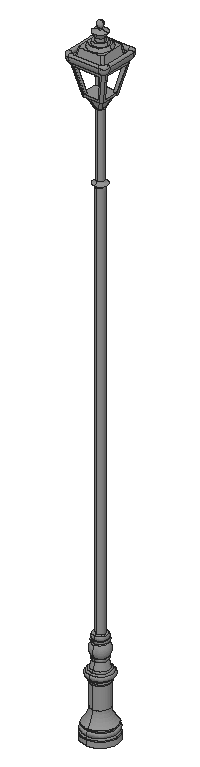
Revit family "Фонарь уличный «Адмирал - 1» со светильником Арт 7467", category Антураж, Revit 2018
Family settings
  На основе рабочей плоскости = Нет
  Всегда вертикально = Да
  При загрузке вырезать с полостями = Нет
  Источник визуального образа = Геометрия семейства
  Общий = Нет
  Точка расчета площади = Нет
Parameters (values of type "Версия 5,608 м")
  Ширина = 370 mm  # constant formula
  Цвет столба = Нержавейка
  Цвет основания = Сталь
  Описание = if([Версия 3,108 м], "Фонарь уличный «Адмирал - 1» со светильником. Версия 3,108 м", if([Версия 3,608 м], "Фонарь уличный «Адмирал - 1» со светильником. Версия 3,608 м", if([Версия 4,108 м], "Фонарь уличный «Адмирал - 1» со светильником. Версия 4,108 м", if([Версия 4,608 м], "Фонарь уличный «Адмирал - 1» со светильником. Версия 4,608 м", if([Версия 5,108 м], "Фонарь уличный «Адмирал - 1» со светильником. Версия 5,108 м", "Фонарь уличный «Адмирал - 1» со светильником. Версия 5,608 м")))))  # "Фонарь уличный «Адмирал - 1» со светильником. Версия 5,608 м"
  Материал изделия = "Сталь, поликарбонат"  # constant formula
  Изображение типоразмера = Фонарь уличный «Адмирал - 1» со светильником Арт 7467.jpg
  Изготовитель = "ООО «Хоббика»"  # constant formula
  Длина = 370 mm  # constant formula
  Группа модели = " Светильники с чугунными опорами"  # constant formula
  Высота стоба = Высота - 1300 mm  # 4308 mm
  Высота = if([Версия 3,108 м], 3108 mm, if([Версия 3,608 м], 3608 mm, if([Версия 4,108 м], 4108 mm, if([Версия 4,608 м], 4608 mm, if([Версия 5,108 м], 5108 mm, 5608 mm)))))  # 5608 mm
  Версия 5,108 м = no
  Версия 4,608 м = no
  Версия 4,108 м = no
  Версия 3,608 м = no
  Версия 3,108 м = no
  Артикул товара = "Арт. 7467"  # constant formula
  URL = "https://hobbyka.ru/product/fonar_ulichnyy_admiral_1_so_svetilnikom/"
Types (7, lengths in mm): name | Описание | Высота стоба | Высота | Версия 5,108 м | Версия 4,608 м | Версия 4,108 м | Версия 3,608 м | Версия 3,108 м
  (no name) | "Фонарь уличный «Адмирал - 1» со светильником. Версия 5,608 м" | 4308 | 5608 | no | no | no | no | no
  Версия 3,108 м | "Фонарь уличный «Адмирал - 1» со светильником. Версия 3,108 м" | 1808 | 3108 | no | no | no | no | yes
  Версия 3,608 м | "Фонарь уличный «Адмирал - 1» со светильником. Версия 3,608 м" | 2308 | 3608 | no | no | no | yes | no
  Версия 4,108 м | "Фонарь уличный «Адмирал - 1» со светильником. Версия 4,108 м" | 2808 | 4108 | no | no | yes | no | no
  Версия 4,608 м | "Фонарь уличный «Адмирал - 1» со светильником. Версия 4,608 м" | 3308 | 4608 | no | yes | no | no | no
  Версия 5,108 м | "Фонарь уличный «Адмирал - 1» со светильником. Версия 5,108 м" | 3808 | 5108 | yes | no | no | no | no
  Версия 5,608 м | "Фонарь уличный «Адмирал - 1» со светильником. Версия 5,608 м" | 4308 | 5608 | no | no | no | no | no
Reference planes
  plane 1 "По центру (Вперед/Назад)": y = 0
  plane 2: z = 0
  plane 3 "По центру (Влево/Вправо)": x = 0
  plane 4: x = 185
  plane 5: x = -185
  plane 6: y = 185
  plane 7: y = -185
Forms (mm)
  Extrusion 1, solid, material "Нержавейка" <- "Цвет столба"
    sketch origin (0, 0, 0) x (1, 0, 0) y (0, 1, 0)
      loop
        circle (0, 0) r 35
    from 784.938 to 4308 <- "Высота стоба"
Dimensions and locks
  "Высота": nested 2 to level
  equal spacing: plane 5, plane 3 "По центру (Влево/Вправо)", plane 4
  "Длина": plane 5 to plane 4
  equal spacing: plane 6, plane 1 "По центру (Вперед/Назад)", plane 7
  "Ширина": plane 6 to plane 7
  aligned and locked: level to plane 2
Automatic sketch dimensions
  Extrusion 1 sketch curve to plane 3 "По центру (Влево/Вправо)" = 0 mm
  plane 1 "По центру (Вперед/Назад)" to Extrusion 1 sketch curve = 0 mm
  plane 1 "По центру (Вперед/Назад)" to Extrusion 1 sketch curve = 35 mm
Nested families
  nested 1: "Фонарь уличный «Адмирал - 1» со светильником Арт 7467 опора" at (0, 0, 0), type "Фонарь уличный «Адмирал - 1» со светильником Арт 7467 опора"
  nested 2: "Фонарь уличный «Адмирал - 1» со светильником Арт 7467 Светильник" at (0, 0, 4308), type "Фонарь уличный «Адмирал - 1» со светильником Арт 7467 Светильник"
Definition of nested family "Фонарь уличный «Адмирал - 1» со светильником Арт 7467 опора"
  Parameters (values of type "Фонарь уличный «Адмирал - 1» со светильником Арт 7467 опора")
    Цвет основания = none
    Height = 0 mm
  Reference planes
    plane 1 "По центру (Вперед/Назад)": y = 0
    plane 2: z = 0
    plane 3 "По центру (Влево/Вправо)": x = 0
  Forms (mm)
    Revolve 1, solid, material <- "Цвет основания"
      sketch origin (0, 0, 0) x (0, 1, 0) y (0, 0, 1)
        loop
          line (0, 820) -> (0, 0) -> (149.5, 0) -> (149.5, 42.538) -> (144.5, 42.538) -> (144.5, 49.625)
          arc (144.5, 49.625) -> (139.322, 62.125) -> (126.822, 67.303) r 17.678
          arc (126.822, 67.303) -> (144.322, 84.803) -> (126.822, 102.303) r 17.5
          line (126.822, 102.303) -> (136.787, 116.534) -> (136.787, 124.389)
          arc (136.787, 124.389) -> (93.139, 181.272) -> (77.621, 251.272) r 165.634
          line (77.621, 251.272) -> (77.621, 446.272)
          arc (77.621, 446.272) -> (82.621, 448.343) -> (84.692, 453.343) r 7.071
          line (84.692, 453.343) -> (84.692, 473.343)
          arc (84.692, 473.343) -> (89.289, 483.297) -> (99.786, 486.465) r 13.37
          line (99.786, 486.465) -> (99.786, 491.465)
          arc (99.786, 491.465) -> (112.377, 508.965) -> (99.786, 526.465) r 18.457
          arc (99.786, 526.465) -> (95.644, 536.465) -> (85.644, 540.607) r 14.142
          arc (85.644, 540.607) -> (84.745, 547.433) -> (78.638, 550.611) r 7.455
          line (78.638, 550.611) -> (73.638, 550.611) -> (56.704, 618.532)
          arc (56.704, 618.532) -> (63.982, 625.961) -> (62.44, 636.245) r 11.665
          line (62.44, 636.245) -> (56.704, 644.437)
          arc (56.704, 644.437) -> (79.439, 693.553) -> (62.908, 745.09) r 74.461
          arc (62.908, 745.09) -> (56.601, 755.09) -> (62.908, 765.09) r 11.081
          arc (62.908, 765.09) -> (68.7, 769.145) -> (64.644, 774.938) r 5
          line (64.644, 774.938) -> (56.704, 774.938) -> (56.704, 784.938)
          arc (56.704, 784.938) -> (62.893, 799.454) -> (59.319, 814.824) r 25.407
          arc (59.319, 814.824) -> (49.116, 815.385) -> (40, 820) r 24.877
          line (40, 820) -> (0, 820)
        axis (0, 820) -> (0, 0)
      angle from 0 to 360
  Dimensions and locks
    aligned and locked: level to plane 2
Definition of nested family "Фонарь уличный «Адмирал - 1» со светильником Арт 7467 Светильник"
  Parameters (values of type "Фонарь уличный «Адмирал - 1» со светильником Арт 7467 Светильник")
    Цвет столба = none
    Цвет каркаса = none
    Height = 0 mm
  Reference planes
    plane 1 "По центру (Вперед/Назад)": y = 0
    plane 2: z = 0
    plane 3 "По центру (Влево/Вправо)": x = 0
    plane 4: z = 1300
  Forms (mm)
    Blend 1, solid, material <- "Цвет каркаса", not visible
      base sketch origin (0, 0, 0) x (1, 0, 0) y (0, 1, 0)
        loop
          arc (-590, 90) -> (-604.142, 84.142) -> (-610, 70) r 20
          line (-610, 70) -> (-610, -70)
          arc (-610, -70) -> (-604.142, -84.142) -> (-590, -90) r 20
          line (-590, -90) -> (-450, -90)
          arc (-450, -90) -> (-435.858, -84.142) -> (-430, -70) r 20
          line (-430, -70) -> (-430, 70)
          arc (-430, 70) -> (-435.858, 84.142) -> (-450, 90) r 20
          line (-450, 90) -> (-590, 90)
      top sketch origin (0, 0, 0) x (1, 0, 0) y (0, 1, 0)
        loop
          arc (-650, 150) -> (-664.142, 144.142) -> (-670, 130) r 20
          line (-670, 130) -> (-670, -130)
          arc (-670, -130) -> (-664.142, -144.142) -> (-650, -150) r 20
          line (-650, -150) -> (-390, -150)
          arc (-390, -150) -> (-375.858, -144.142) -> (-370, -130) r 20
          line (-370, -130) -> (-370, 130)
          arc (-370, 130) -> (-375.858, 144.142) -> (-390, 150) r 20
          line (-390, 150) -> (-650, 150)
      from 580.468 to 847.079
    Extrusion 2, solid, material <- "Цвет каркаса", not visible
      sketch origin (0, 0, 0) x (1, 0, 0) y (0, 1, 0)
        loop
          circle (-520, 0) r 40
      from 484.979 to 496.04
    Blend 3, solid, material <- "Цвет каркаса", not visible
      base sketch origin (0, 0, 0) x (1, 0, 0) y (0, 1, 0)
        loop
          arc (-540, 40) -> (-554.142, 34.142) -> (-560, 20) r 20
          line (-560, 20) -> (-560, -20)
          arc (-560, -20) -> (-554.142, -34.142) -> (-540, -40) r 20
          line (-540, -40) -> (-500, -40)
          arc (-500, -40) -> (-485.858, -34.142) -> (-480, -20) r 20
          line (-480, -20) -> (-480, 20)
          arc (-480, 20) -> (-485.858, 34.142) -> (-500, 40) r 20
          line (-500, 40) -> (-540, 40)
      top sketch origin (0, 0, 0) x (1, 0, 0) y (0, 1, 0)
        loop
          arc (-575, 75) -> (-589.142, 69.142) -> (-595, 55) r 20
          line (-595, 55) -> (-595, -55)
          arc (-595, -55) -> (-589.142, -69.142) -> (-575, -75) r 20
          line (-575, -75) -> (-465, -75)
          arc (-465, -75) -> (-450.858, -69.142) -> (-445, -55) r 20
          line (-445, -55) -> (-445, 55)
          arc (-445, 55) -> (-450.858, 69.142) -> (-465, 75) r 20
          line (-465, 75) -> (-575, 75)
      from 496.04 to 580.468
    Extrusion 4, void, not visible
      sketch origin (0, 0, 0) x (1, 0, 0) y (0, 0, 1)
        loop
          line (-635, 824.979) -> (-585, 594.979) -> (-455, 594.979) -> (-405, 824.979) -> (-635, 824.979)
      from -150 to 150
    Extrusion 5, void, not visible
      sketch origin (-520, 520, 0) x (0, 1, 0) y (0, 0, 1)
        loop
          line (-635, 824.979) -> (-585, 594.979) -> (-455, 594.979) -> (-405, 824.979) -> (-635, 824.979)
      from -150 to 150
    Sweep 6, solid, material <- "Цвет каркаса", not visible
      path origin (0, 0, 0) x (1, 0, 0) y (0, 1, 0)
        loop
          line (-390, 150) -> (-650, 150)
          arc (-650, 150) -> (-664.142, 144.142) -> (-670, 130) r 20
          line (-670, 130) -> (-670, -130)
          arc (-670, -130) -> (-664.142, -144.142) -> (-650, -150) r 20
          line (-650, -150) -> (-390, -150)
          arc (-390, -150) -> (-375.858, -144.142) -> (-370, -130) r 20
          line (-370, -130) -> (-370, 130)
          arc (-370, 130) -> (-375.858, 144.142) -> (-390, 150) r 20
      profile origin (-670, 0, 0) x (1, 0, 0) y (0, 0, 1)
        loop
          arc (-33.219, 907.974) -> (-26.14, 872.327) -> (0, 847.079) r 60.827
          line (0, 847.079) -> (2.794, 847.079)
          arc (2.794, 847.079) -> (-9.841, 867.165) -> (-13.358, 890.634) r 57.9
          arc (-13.358, 890.634) -> (-4.209, 921.156) -> (-33.219, 907.974) r 17.5
    Blend 7, solid, material <- "Цвет каркаса", not visible
      base sketch origin (0, 0, 0) x (1, 0, 0) y (0, 1, 0)
        loop
          line (-405, 132.206) -> (-635, 132.206)
          arc (-635, 132.206) -> (-647.166, 127.166) -> (-652.206, 115) r 17.206
          line (-652.206, 115) -> (-652.206, -115)
          arc (-652.206, -115) -> (-647.166, -127.166) -> (-635, -132.206) r 17.206
          line (-635, -132.206) -> (-405, -132.206)
          arc (-405, -132.206) -> (-392.834, -127.166) -> (-387.794, -115) r 17.206
          line (-387.794, -115) -> (-387.794, 115)
          arc (-387.794, 115) -> (-392.834, 127.166) -> (-405, 132.206) r 17.206
      top sketch origin (0, 0, 0) x (1, 0, 0) y (0, 1, 0)
        loop
          line (-430, 107.206) -> (-610, 107.206)
          arc (-610, 107.206) -> (-622.166, 102.166) -> (-627.206, 90) r 17.206
          line (-627.206, 90) -> (-627.206, -90)
          arc (-627.206, -90) -> (-622.166, -102.166) -> (-610, -107.206) r 17.206
          line (-610, -107.206) -> (-430, -107.206)
          arc (-430, -107.206) -> (-417.834, -102.166) -> (-412.794, -90) r 17.206
          line (-412.794, -90) -> (-412.794, 90)
          arc (-412.794, 90) -> (-417.834, 102.166) -> (-430, 107.206) r 17.206
      from 847.079 to 964.043
    Revolve 8, solid, material <- "Цвет каркаса", not visible
      sketch origin (0, 0, 0) x (1, 0, 0) y (0, 0, 1)
        loop
          line (-520, 1164.043) -> (-520, 964.043) -> (-421.397, 964.043) -> (-434.401, 989.887) -> (-454.401, 989.887) -> (-459.577, 1009.205) -> (-484.577, 1009.205) -> (-484.577, 1039.205) -> (-458.766, 1076.067) -> (-510.449, 1094.878) -> (-510.449, 1109.878)
          arc (-510.449, 1109.878) -> (-497.531, 1140.08) -> (-520, 1164.043) r 30.03
        axis (-520, 964.043) -> (-520, 1164.043)
      angle from 0 to 360
    Blend 9, solid, material <- "Цвет каркаса"
      base sketch origin (520, 0, 136.332) x (1, 0, 0) y (0, 1, 0)
        loop
          arc (-590, 90) -> (-604.142, 84.142) -> (-610, 70) r 20
          line (-610, 70) -> (-610, -70)
          arc (-610, -70) -> (-604.142, -84.142) -> (-590, -90) r 20
          line (-590, -90) -> (-450, -90)
          arc (-450, -90) -> (-435.858, -84.142) -> (-430, -70) r 20
          line (-430, -70) -> (-430, 70)
          arc (-430, 70) -> (-435.858, 84.142) -> (-450, 90) r 20
          line (-450, 90) -> (-590, 90)
      top sketch origin (520, 0, 136.332) x (1, 0, 0) y (0, 1, 0)
        loop
          arc (-650, 150) -> (-664.142, 144.142) -> (-670, 130) r 20
          line (-670, 130) -> (-670, -130)
          arc (-670, -130) -> (-664.142, -144.142) -> (-650, -150) r 20
          line (-650, -150) -> (-390, -150)
          arc (-390, -150) -> (-375.858, -144.142) -> (-370, -130) r 20
          line (-370, -130) -> (-370, 130)
          arc (-370, 130) -> (-375.858, 144.142) -> (-390, 150) r 20
          line (-390, 150) -> (-650, 150)
      from 580.468 to 847.079
    Extrusion 10, solid, material <- "Цвет каркаса"
      sketch origin (520, 0, 136.332) x (1, 0, 0) y (0, 1, 0)
        loop
          circle (-520, 0) r 40
      from 484.979 to 496.04
    Blend 11, solid, material <- "Цвет каркаса"
      base sketch origin (520, 0, 136.332) x (1, 0, 0) y (0, 1, 0)
        loop
          arc (-540, 40) -> (-554.142, 34.142) -> (-560, 20) r 20
          line (-560, 20) -> (-560, -20)
          arc (-560, -20) -> (-554.142, -34.142) -> (-540, -40) r 20
          line (-540, -40) -> (-500, -40)
          arc (-500, -40) -> (-485.858, -34.142) -> (-480, -20) r 20
          line (-480, -20) -> (-480, 20)
          arc (-480, 20) -> (-485.858, 34.142) -> (-500, 40) r 20
          line (-500, 40) -> (-540, 40)
      top sketch origin (520, 0, 136.332) x (1, 0, 0) y (0, 1, 0)
        loop
          arc (-575, 75) -> (-589.142, 69.142) -> (-595, 55) r 20
          line (-595, 55) -> (-595, -55)
          arc (-595, -55) -> (-589.142, -69.142) -> (-575, -75) r 20
          line (-575, -75) -> (-465, -75)
          arc (-465, -75) -> (-450.858, -69.142) -> (-445, -55) r 20
          line (-445, -55) -> (-445, 55)
          arc (-445, 55) -> (-450.858, 69.142) -> (-465, 75) r 20
          line (-465, 75) -> (-575, 75)
      from 496.04 to 580.468
    Extrusion 12, void
      sketch origin (520, 0, 136.332) x (1, 0, 0) y (0, 0, 1)
        loop
          line (-635, 824.979) -> (-585, 594.979) -> (-455, 594.979) -> (-405, 824.979) -> (-635, 824.979)
      from -150 to 150
    Extrusion 13, void
      sketch origin (0, 520, 136.332) x (0, 1, 0) y (0, 0, 1)
        loop
          line (-635, 824.979) -> (-585, 594.979) -> (-455, 594.979) -> (-405, 824.979) -> (-635, 824.979)
      from -150 to 150
    Sweep 14, solid, material <- "Цвет каркаса"
      path origin (520, 0, 136.332) x (1, 0, 0) y (0, 1, 0)
        loop
          line (-390, 150) -> (-650, 150)
          arc (-650, 150) -> (-664.142, 144.142) -> (-670, 130) r 20
          line (-670, 130) -> (-670, -130)
          arc (-670, -130) -> (-664.142, -144.142) -> (-650, -150) r 20
          line (-650, -150) -> (-390, -150)
          arc (-390, -150) -> (-375.858, -144.142) -> (-370, -130) r 20
          line (-370, -130) -> (-370, 130)
          arc (-370, 130) -> (-375.858, 144.142) -> (-390, 150) r 20
      profile origin (-150, 0, 136.332) x (1, 0, 0) y (0, 0, 1)
        loop
          arc (-33.219, 907.974) -> (-26.14, 872.327) -> (0, 847.079) r 60.827
          line (0, 847.079) -> (2.794, 847.079)
          arc (2.794, 847.079) -> (-9.841, 867.165) -> (-13.358, 890.634) r 57.9
          arc (-13.358, 890.634) -> (-4.209, 921.156) -> (-33.219, 907.974) r 17.5
    Blend 15, solid, material <- "Цвет каркаса"
      base sketch origin (520, 0, 136.332) x (1, 0, 0) y (0, 1, 0)
        loop
          line (-405, 132.206) -> (-635, 132.206)
          arc (-635, 132.206) -> (-647.166, 127.166) -> (-652.206, 115) r 17.206
          line (-652.206, 115) -> (-652.206, -115)
          arc (-652.206, -115) -> (-647.166, -127.166) -> (-635, -132.206) r 17.206
          line (-635, -132.206) -> (-405, -132.206)
          arc (-405, -132.206) -> (-392.834, -127.166) -> (-387.794, -115) r 17.206
          line (-387.794, -115) -> (-387.794, 115)
          arc (-387.794, 115) -> (-392.834, 127.166) -> (-405, 132.206) r 17.206
      top sketch origin (520, 0, 136.332) x (1, 0, 0) y (0, 1, 0)
        loop
          line (-430, 107.206) -> (-610, 107.206)
          arc (-610, 107.206) -> (-622.166, 102.166) -> (-627.206, 90) r 17.206
          line (-627.206, 90) -> (-627.206, -90)
          arc (-627.206, -90) -> (-622.166, -102.166) -> (-610, -107.206) r 17.206
          line (-610, -107.206) -> (-430, -107.206)
          arc (-430, -107.206) -> (-417.834, -102.166) -> (-412.794, -90) r 17.206
          line (-412.794, -90) -> (-412.794, 90)
          arc (-412.794, 90) -> (-417.834, 102.166) -> (-430, 107.206) r 17.206
      from 847.079 to 964.043
    Revolve 16, solid, material <- "Цвет каркаса"
      sketch origin (520, 0, 136.332) x (1, 0, 0) y (0, 0, 1)
        loop
          line (-520, 1164.043) -> (-520, 964.043) -> (-421.397, 964.043) -> (-434.401, 989.887) -> (-454.401, 989.887) -> (-459.577, 1009.205) -> (-484.577, 1009.205) -> (-484.577, 1039.205) -> (-458.766, 1076.067) -> (-510.449, 1094.878) -> (-510.449, 1109.878)
          arc (-510.449, 1109.878) -> (-497.531, 1140.08) -> (-520, 1164.043) r 30.03
        axis (-520, 964.043) -> (-520, 1164.043)
      angle from 0 to 360
    Revolve 17, solid, material <- "Цвет столба"
      sketch origin (0, 0, -97) x (0, 1, 0) y (0, 0, 1)
        loop
          line (0, 718.31) -> (0, 97) -> (30, 97)
          arc (30, 97) -> (38.284, 117) -> (58.284, 125.284) r 28.284
          arc (58.284, 125.284) -> (38.284, 133.569) -> (30, 153.569) r 28.284
          line (30, 153.569) -> (30, 718.31) -> (0, 718.31)
        axis (0, 97) -> (0, 718.31)
      angle from 0 to 360
  Cuts and joins
    Extrusion 12, Extrusion 13 cuts Blend 9
  Dimensions and locks
    aligned and locked: level to plane 2
